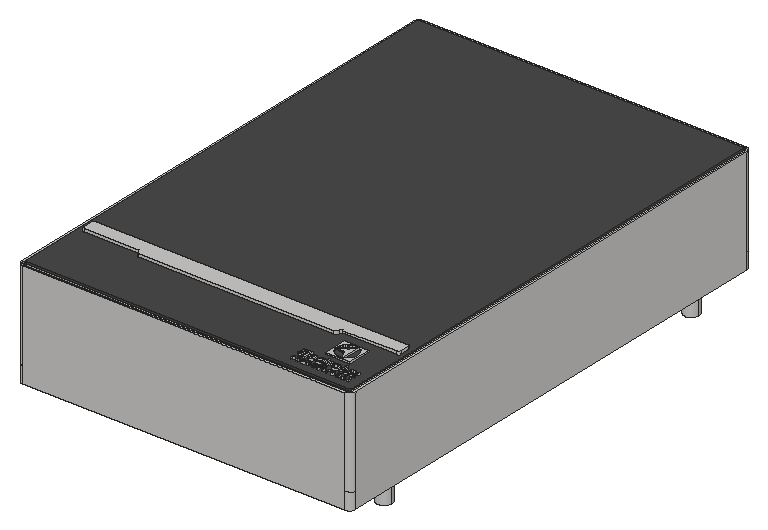
Revit family "QF_ELECTROLUXPROFESSIONAL_600903_E1HAEEOMCU", category Specialty Equipment, Revit 2018 (continued)
Definition of nested family "ELX_Logo_Professional"
  Forms (mm)
    Extrusion 2, solid
      sketch origin (-144.622, -1081.55, 0) x (-1, 0, 0) y (0, -1, 0)
        loop
          line (-148.67, -1086.844) -> (-150.173, -1087.464) -> (-151.57, -1088.253) -> (-152.847, -1089.196) -> (-153.992, -1090.281) -> (-154.994, -1091.494) -> (-155.841, -1092.821) -> (-156.519, -1094.25) -> (-157.018, -1095.766) -> (-157.324, -1097.357) -> (-157.427, -1099.009) -> (-157.315, -1100.685) -> (-156.998, -1102.296) -> (-156.488, -1103.827) -> (-155.799, -1105.265) -> (-154.946, -1106.596) -> (-153.94, -1107.806) -> (-152.796, -1108.882) -> (-151.528, -1109.81) -> (-150.148, -1110.576) -> (-148.67, -1111.167) -> (-148.67, -1086.844)
        loop
          arc (-147.323, -1086.473) -> (-147.041, -1088.83) -> (-146.239, -1091.065) r 10.532
          line (-146.239, -1091.065) -> (-145.452, -1092.432) -> (-144.488, -1093.693) -> (-143.367, -1094.833) -> (-142.111, -1095.838) -> (-140.741, -1096.693) -> (-139.278, -1097.383) -> (-137.743, -1097.894) -> (-136.157, -1098.211) -> (-134.541, -1098.32) -> (-131.822, -1098.32) -> (-131.976, -1096.81) -> (-132.312, -1095.353) -> (-132.818, -1093.961) -> (-133.481, -1092.644) -> (-134.291, -1091.416) -> (-135.235, -1090.288) -> (-136.302, -1089.272) -> (-137.48, -1088.379) -> (-138.757, -1087.622) -> (-140.121, -1087.012) -> (-141.56, -1086.561) -> (-143.063, -1086.281) -> (-144.633, -1086.183)
          arc (-144.633, -1086.183) -> (-145.985, -1086.264) -> (-147.323, -1086.473) r 14.39
        loop
          line (-111.329, -1069.559) -> (-111.329, -1071.073) -> (-116.048, -1071.073) -> (-116.048, -1072.896) -> (-111.328, -1072.896) -> (-111.328, -1075.549) -> (-116.349, -1075.549) -> (-116.349, -1077.368) -> (-109.396, -1077.368) -> (-109.396, -1073.46) -> (-109.396, -1069.659)
          arc (-109.396, -1069.659) -> (-110.425, -1067.175) -> (-112.909, -1066.146) r 3.513
          line (-112.909, -1066.146) -> (-116.483, -1066.146) -> (-116.483, -1067.963) -> (-112.925, -1067.963)
          arc (-112.925, -1067.963) -> (-111.797, -1068.431) -> (-111.329, -1069.559) r 1.596
        loop
          line (-119.79, -1077.358) -> (-117.856, -1077.358) -> (-117.856, -1072.053) -> (-117.856, -1066.132) -> (-119.79, -1066.132) -> (-119.79, -1072.092) -> (-119.79, -1077.358)
        loop
          line (-122.986, -1069.718) -> (-129.327, -1069.718)
          arc (-129.327, -1069.718) -> (-129.219, -1071.449) -> (-128.497, -1073.026) r 4.757
          arc (-128.497, -1073.026) -> (-125.237, -1074.5) -> (-121.978, -1073.026) r 4.34
          arc (-121.978, -1073.026) -> (-121.072, -1070.207) -> (-121.978, -1067.388) r 4.838
          arc (-121.978, -1067.388) -> (-125.393, -1065.933) -> (-128.809, -1067.388) r 4.737
          line (-128.809, -1067.388) -> (-127.645, -1068.52)
          arc (-127.645, -1068.52) -> (-125.509, -1067.576) -> (-123.374, -1068.52) r 2.888
          arc (-123.374, -1068.52) -> (-123.05, -1069.077) -> (-122.986, -1069.718) r 1.527
        loop
          arc (-127.386, -1071.076) -> (-126.67, -1072.331) -> (-125.331, -1072.872) r 2.201
          arc (-125.331, -1072.872) -> (-123.848, -1072.402) -> (-123.033, -1071.076) r 2.23
          line (-123.033, -1071.076) -> (-127.386, -1071.076)
        loop
          line (-136.862, -1071.886) -> (-138.059, -1073.132)
          arc (-138.059, -1073.132) -> (-130.327, -1070.219) -> (-138.059, -1067.306) r 4.415
          line (-138.059, -1067.306) -> (-136.862, -1068.553)
          arc (-136.862, -1068.553) -> (-132.252, -1070.22) -> (-136.862, -1071.886) r 2.606
        loop
          line (-141.192, -1069.673) -> (-141.192, -1072.494) -> (-142.951, -1072.494) -> (-142.951, -1074.25) -> (-141.195, -1074.25) -> (-141.195, -1077.358) -> (-139.262, -1077.358) -> (-139.262, -1073.332) -> (-139.262, -1069.514)
          arc (-139.262, -1069.514) -> (-140.299, -1066.92) -> (-142.98, -1066.132) r 3.196
          line (-142.98, -1066.132) -> (-142.987, -1067.949)
          arc (-142.987, -1067.949) -> (-141.652, -1068.356) -> (-141.192, -1069.673) r 1.542
        loop
          line (-146.494, -1073.042) -> (-146.494, -1074.25) -> (-144.576, -1074.25) -> (-144.576, -1070.271) -> (-144.576, -1066.132) -> (-146.494, -1066.132) -> (-146.494, -1070.401)
          arc (-146.494, -1070.401) -> (-147.446, -1072.228) -> (-149.489, -1072.494) r 2.229
          line (-149.489, -1072.494) -> (-149.489, -1074.362)
          arc (-149.489, -1074.362) -> (-147.761, -1074.226) -> (-146.494, -1073.042) r 2.627
        loop
          line (-159.833, -1072.246) -> (-159.833, -1066.131) -> (-161.767, -1066.131) -> (-161.767, -1072.17) -> (-161.767, -1077.359) -> (-159.833, -1077.359) -> (-159.833, -1072.246)
        loop
          line (-165.194, -1069.514) -> (-165.194, -1074.25) -> (-163.245, -1074.25) -> (-163.245, -1071.898) -> (-163.245, -1069.098)
          arc (-163.245, -1069.098) -> (-166.96, -1065.769) -> (-170.687, -1069.085) r 3.745
          line (-170.687, -1069.085) -> (-170.687, -1071.898) -> (-170.687, -1074.25) -> (-168.739, -1074.25) -> (-168.739, -1069.514)
          arc (-168.739, -1069.514) -> (-166.967, -1067.742) -> (-165.194, -1069.514) r 1.772
        loop
          line (-174.654, -1070.416) -> (-172.975, -1068.078) -> (-171.578, -1066.131) -> (-173.656, -1066.131) -> (-175.717, -1068.999) -> (-177.779, -1066.131) -> (-179.857, -1066.131) -> (-178, -1068.728) -> (-176.781, -1070.433) -> (-178.29, -1072.488) -> (-179.583, -1074.25) -> (-177.473, -1074.25) -> (-175.717, -1071.818) -> (-173.945, -1074.25) -> (-171.852, -1074.25) -> (-173.052, -1072.608) -> (-174.654, -1070.416)
        loop
          circle (-154.223, -1070.188) r 2.508
        loop
          circle (-154.223, -1070.188) r 4.42
        loop
          line (-110.224, -1058.542) -> (-111.194, -1058.542)
          arc (-111.194, -1058.542) -> (-112.217, -1059.95) -> (-110.924, -1061.114) r 1.3
          line (-110.924, -1061.114) -> (-109.424, -1061.114) -> (-109.424, -1057.223) -> (-110.224, -1057.223) -> (-110.224, -1058.542)
        loop
          line (-110.224, -1060.379) -> (-110.224, -1059.293) -> (-111.03, -1059.293)
          arc (-111.03, -1059.293) -> (-111.43, -1059.836) -> (-111.03, -1060.379) r 0.569
          line (-111.03, -1060.379) -> (-110.224, -1060.379)
        loop
          line (-116.302, -1058.564) -> (-117.128, -1058.564) -> (-117.934, -1057.223) -> (-118.841, -1057.223) -> (-117.833, -1058.884)
          arc (-117.833, -1058.884) -> (-118.214, -1060.282) -> (-117.028, -1061.114) r 1.26
          line (-117.028, -1061.114) -> (-115.503, -1061.114) -> (-115.503, -1057.223) -> (-116.302, -1057.223) -> (-116.302, -1058.564)
        loop
          line (-116.302, -1060.379) -> (-116.302, -1059.293) -> (-117.109, -1059.293)
          arc (-117.109, -1059.293) -> (-117.508, -1059.836) -> (-117.109, -1060.379) r 0.569
          line (-117.109, -1060.379) -> (-116.302, -1060.379)
        loop
          line (-128.923, -1057.223) -> (-129.723, -1057.223) -> (-129.723, -1058.714) -> (-131.187, -1058.714) -> (-131.187, -1059.514) -> (-129.723, -1059.514) -> (-129.723, -1060.314) -> (-131.327, -1060.314) -> (-131.327, -1061.114) -> (-128.923, -1061.114) -> (-128.923, -1057.223)
        loop
          arc (-134.628, -1058.469) -> (-134.992, -1057.588) -> (-135.874, -1057.223) r 1.246
          line (-135.874, -1057.223) -> (-137.13, -1057.223) -> (-137.13, -1058.023) -> (-135.969, -1058.023)
          arc (-135.969, -1058.023) -> (-135.53, -1058.237) -> (-135.427, -1058.714) r 0.558
          line (-135.427, -1058.714) -> (-136.984, -1058.714) -> (-136.984, -1059.514) -> (-135.427, -1059.514) -> (-135.427, -1060.314) -> (-137.092, -1060.314) -> (-137.092, -1061.114) -> (-134.628, -1061.114) -> (-134.628, -1058.469)
        loop
          line (-152.3, -1057.223) -> (-153.1, -1057.223) -> (-153.1, -1061.114) -> (-152.3, -1061.114) -> (-152.3, -1057.223)
        loop
          line (-164.67, -1057.223) -> (-164.67, -1059.67) -> (-166.45, -1057.223) -> (-167.25, -1057.223) -> (-167.25, -1061.114) -> (-166.42, -1061.114) -> (-166.42, -1058.594) -> (-164.64, -1061.114) -> (-163.84, -1061.114) -> (-163.84, -1057.223) -> (-164.67, -1057.223)
        loop
          line (-170.403, -1057.223) -> (-171.262, -1057.223) -> (-171.641, -1058.063) -> (-173.08, -1058.063) -> (-173.459, -1057.223) -> (-174.317, -1057.223) -> (-172.796, -1061.113) -> (-171.996, -1061.113) -> (-170.403, -1057.223)
        loop
          line (-177.493, -1057.223) -> (-179.789, -1057.223) -> (-179.789, -1058.023) -> (-178.293, -1058.023) -> (-178.293, -1061.114) -> (-177.493, -1061.114) -> (-177.493, -1057.223)
        loop
          line (-172.362, -1059.848) -> (-171.945, -1058.83) -> (-172.76, -1058.83) -> (-172.362, -1059.848)
        loop
          circle (-158.484, -1059.145) r 1.288
        loop
          circle (-158.484, -1059.145) r 2.065
        loop
          arc (-146.04, -1058.095) -> (-146.933, -1057.275) -> (-148.145, -1057.245) r 1.725
          arc (-148.145, -1057.245) -> (-148.965, -1058.02) -> (-148.68, -1059.111) r 1.107
          arc (-148.68, -1059.111) -> (-148.103, -1059.465) -> (-147.486, -1059.746) r 5.523
          arc (-147.486, -1059.746) -> (-147.147, -1060.262) -> (-147.708, -1060.52) r 0.407
          arc (-147.708, -1060.52) -> (-148.045, -1060.315) -> (-148.325, -1060.038) r 1.702
          line (-148.325, -1060.038) -> (-149.011, -1060.45)
          arc (-149.011, -1060.45) -> (-148.578, -1060.911) -> (-148.043, -1061.247) r 2.463
          arc (-148.043, -1061.247) -> (-146.373, -1060.466) -> (-147.42, -1058.949) r 1.207
          spline (-147.42, -1058.949) -> (-147.716, -1058.809) -> (-147.932, -1058.678) -> (-148.077, -1058.557) -> (-148.163, -1058.446) -> (-148.198, -1058.347) -> (-148.192, -1058.258) -> (-148.157, -1058.182) -> (-148.102, -1058.118) -> (-148.037, -1058.068) -> (-147.972, -1058.031) -> (-147.917, -1058.008) -> (-147.883, -1058)
          arc (-147.883, -1058) -> (-147.238, -1058.014) -> (-146.759, -1058.446) r 0.925
          line (-146.759, -1058.446) -> (-146.04, -1058.095)
        loop
          arc (-140.18, -1058.095) -> (-141.073, -1057.275) -> (-142.285, -1057.245) r 1.725
          arc (-142.285, -1057.245) -> (-143.106, -1058.02) -> (-142.821, -1059.111) r 1.107
          arc (-142.821, -1059.111) -> (-142.243, -1059.465) -> (-141.627, -1059.746) r 5.523
          arc (-141.627, -1059.746) -> (-141.287, -1060.262) -> (-141.849, -1060.52) r 0.407
          arc (-141.849, -1060.52) -> (-142.185, -1060.315) -> (-142.466, -1060.038) r 1.702
          line (-142.466, -1060.038) -> (-143.151, -1060.45)
          arc (-143.151, -1060.45) -> (-142.719, -1060.911) -> (-142.183, -1061.247) r 2.463
          arc (-142.183, -1061.247) -> (-140.513, -1060.466) -> (-141.56, -1058.949) r 1.207
          spline (-141.56, -1058.949) -> (-141.856, -1058.809) -> (-142.072, -1058.678) -> (-142.218, -1058.557) -> (-142.303, -1058.446) -> (-142.338, -1058.347) -> (-142.333, -1058.258) -> (-142.298, -1058.182) -> (-142.242, -1058.118) -> (-142.177, -1058.068) -> (-142.112, -1058.031) -> (-142.057, -1058.008) -> (-142.023, -1058)
          arc (-142.023, -1058) -> (-141.378, -1058.014) -> (-140.9, -1058.446) r 0.925
          line (-140.9, -1058.446) -> (-140.18, -1058.095)
        loop
          circle (-123.484, -1059.145) r 1.288
        loop
          circle (-123.484, -1059.145) r 2.065
      from 0 to 1.6
  Dimensions and locks
    aligned and locked: plane 2 to Extrusion 1
    aligned and locked: level to Extrusion 1
Types (2, lengths in mm): name | URL | Manufacturer | Phase | Model | Description
  (no name) | 0 | 0 | 0 | 0 | 0
  Standard | "http://professional.electrolux.com" | "Electrolux Professional" | 1 | "E1HAEEOMCS" | "PLUG-IN INDUCTION DOUBLE ZONE COOK TOP"
